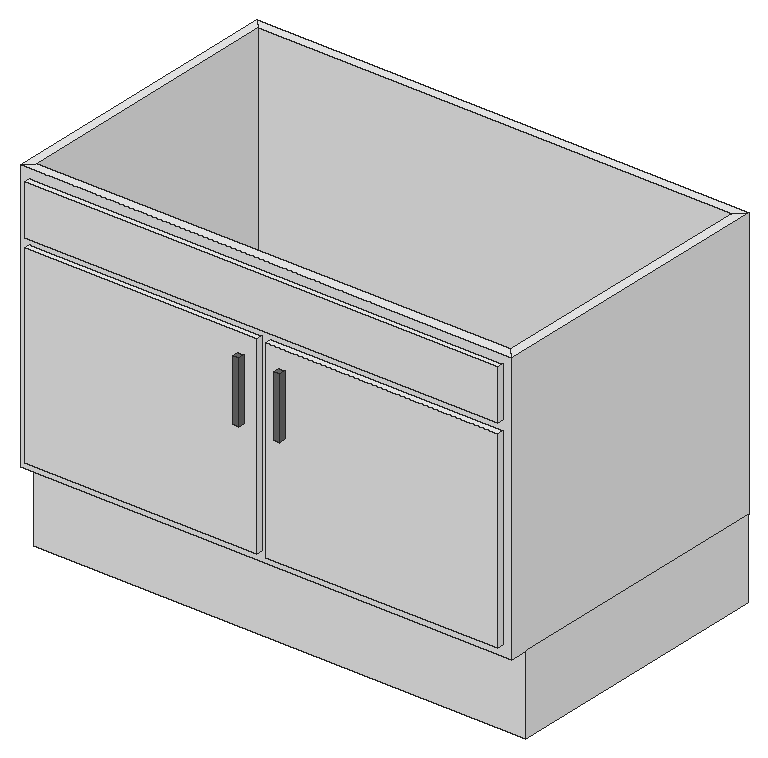
Revit family "Vanity Cabinet-Double Door Sink Unit (M)", category 케이스워크, Revit 2026
Family settings
  작업 기준면 기반 = 아니오
  항상 수직 = 예
  로드될 때 보이드를 사용하여 절단 = 아니오
  공유 = 아니오
  룸 계산 점 = 아니오
Parameters (values of type "1000mm")
  기본 높이 = 0 mm
  Cabinet Material = none
  깊이 = 600 mm
  Door/Drawer Material = none
  Handle Material = Cabinets - Handles
  높이 = 710 mm
  Plinth Depth = 35 mm
  Plinth Height = 160 mm
  폭 = 1000 mm
Types (4, lengths in mm): name | 폭
  (no name) | 1000
  1000mm | 1000
  900mm | 900
  1200mm | 1200
Reference planes
  plane 1 "Back": y = 0
  plane 2: z = 0
  plane 3 "Center": x = 18.738
  plane 4 "Left": x = -481.262
  plane 5 "Right": x = 518.738
  plane 6 "Front": y = -600
  plane 7 "Top": z = 710
  plane 8: y = -565
  plane 9: z = 160
  plane 10: z = 690.95
  plane 11: z = 179.05
  plane 12: x = -462.212
  plane 13: x = 499.688
  plane 14: z = 589.35
  plane 15: z = 570.3
  plane 16: z = 532.2
  plane 17: z = 430.6
  plane 18: x = -16.187
  plane 19: x = -28.887
  plane 20: x = 9.213
  plane 21: x = 28.263
  plane 22: x = 53.663
  plane 23: x = 66.363
  plane 24: z = 374.675
Forms (mm)
  Extrusion 1, solid, material <- "Cabinet Material"
    sketch origin (0, 0, 0) x (1, 0, 0) y (0, 1, 0)
      loop
        line (-481.262, 0) -> (-481.262, -565) -> (518.738, -565) -> (518.738, 0) -> (-481.262, 0)
    from 0 to 160
  Sweep 2, solid, material <- "Cabinet Material"
    path origin (0, 0, 0) x (1, 0, 0) y (0, 1, 0)
      loop
        line (518.738, 0) -> (-481.262, 0) -> (-481.262, -600) -> (518.738, -600) -> (518.738, 0)
    profile origin (0, -300, 0) x (1, 0, 0) y (0, 0, 1)
      loop
        line (518.738, 160) -> (518.738, 710) -> (499.688, 710) -> (499.688, 160) -> (518.738, 160)
  Extrusion 3, solid, material <- "Cabinet Material"
    sketch origin (0, 0, 0) x (1, 0, 0) y (0, 1, 0)
      loop
        line (-462.212, -19.05) -> (-462.212, -580.95) -> (499.688, -580.95) -> (499.688, -19.05) -> (-462.212, -19.05)
    from 179.05 to 160
  Extrusion 4, solid, material <- "Door/Drawer Material"
    sketch origin (0, -600, 0) x (1, 0, 0) y (0, 0, 1)
      loop
        line (-462.212, 570.3) -> (-462.212, 179.05) -> (9.213, 179.05) -> (9.213, 570.3) -> (-462.212, 570.3)
      loop
        line (28.263, 570.3) -> (28.263, 179.05) -> (499.688, 179.05) -> (499.688, 570.3) -> (28.263, 570.3)
      loop
        line (-462.212, 690.95) -> (-462.212, 589.35) -> (499.688, 589.35) -> (499.688, 690.95) -> (-462.212, 690.95)
    from 0 to 12.7
  Extrusion 5, solid, material "Cabinets - Handles" <- "Handle Material"
    sketch origin (0, -600, 0) x (1, 0, 0) y (0, 0, 1)
      loop
        line (-28.887, 532.2) -> (-28.887, 407.47) -> (-16.187, 407.47) -> (-16.187, 532.2) -> (-28.887, 532.2)
      loop
        line (53.663, 532.2) -> (53.663, 407.47) -> (66.363, 407.47) -> (66.363, 532.2) -> (53.663, 532.2)
    from 12.7 to 25.4
Lines and regions (mm)
  symbolic lines, style "Plan Rep - Below"
    curve 1: line (518.738, -600, 0) -> (-481.262, -600, 0)
    curve 2: line (518.738, 0, 0) -> (518.738, -600, 0)
    curve 3: line (-481.262, 0, 0) -> (518.738, 0, 0)
    curve 4: line (-481.262, -600, 0) -> (-481.262, 0, 0)
  model lines
    curve 5: line (499.688, -600, 589.35) -> (-462.212, -600, 589.35)
    curve 6: line (499.688, -600, 690.95) -> (499.688, -600, 589.35)
    curve 7: line (-462.212, -600, 690.95) -> (499.688, -600, 690.95)
    curve 8: line (-462.212, -600, 589.35) -> (-462.212, -600, 690.95)
    curve 9: line (499.688, -600, 179.05) -> (28.263, -600, 179.05)
    curve 10: line (499.688, -600, 570.3) -> (499.688, -600, 179.05)
    curve 11: line (-462.212, -600, 570.3) -> (9.213, -600, 570.3)
    curve 12: line (-462.212, -600, 179.05) -> (-462.212, -600, 570.3)
    curve 13: line (-28.887, -600, 532.2) -> (-16.187, -600, 532.2)
    curve 14: line (-28.887, -600, 430.6) -> (-28.887, -600, 532.2)
    curve 15: line (-16.187, -600, 430.6) -> (-28.887, -600, 430.6)
    curve 16: line (-16.187, -600, 532.2) -> (-16.187, -600, 430.6)
    curve 17: line (28.263, -600, 179.05) -> (28.263, -600, 570.3)
    curve 18: line (9.213, -600, 179.05) -> (9.213, -600, 570.3)
    curve 19: line (66.363, -600, 532.2) -> (53.663, -600, 532.2)
    curve 20: line (66.363, -600, 430.6) -> (66.363, -600, 532.2)
    curve 21: line (53.663, -600, 430.6) -> (66.363, -600, 430.6)
    curve 22: line (53.663, -600, 532.2) -> (53.663, -600, 430.6)
    curve 23: line (28.263, -600, 570.3) -> (499.688, -600, 570.3)
    curve 24: line (9.213, -600, 179.05) -> (-462.212, -600, 179.05)
  symbolic lines, style "Elevation Swing"
    curve 25: line (9.213, 0, 570.3) -> (-462.212, 0, 374.675)
    curve 26: line (-462.212, 0, 374.675) -> (9.213, 0, 179.05)
    curve 27: line (28.263, 0, 179.05) -> (499.688, 0, 374.675)
    curve 28: line (499.688, 0, 374.675) -> (28.263, 0, 570.3)
Dimensions and locks
  "깊이": plane 6 "Front" to plane 1 "Back"
  "폭": plane 4 "Left" to plane 5 "Right"
  equal spacing: plane 4 "Left", plane 3 "Center", plane 5 "Right"
  "높이": level to plane 7 "Top"
  "Plinth Height": plane 2 to plane 9
  "Plinth Depth": plane 6 "Front" to plane 8
  locked: plane 4 "Left" to plane 12 at 19.05
  locked: plane 13 to plane 5 "Right" at 19.05
  locked: plane 7 "Top" to plane 10 at 19.05
  locked: plane 11 to plane 9 at 19.05
  plane 10 to plane 14 to plane 15 = 101.6 mm locked, 19.05 mm locked
  plane 15 to plane 16 to plane 17 = 38.1 mm locked, 101.6 mm locked
  plane 21 to plane 3 "Center" to plane 20 = 9.525 mm locked, 9.525 mm locked
  plane 20 to plane 18 to plane 19 = 25.4 mm locked, 12.7 mm locked
  plane 21 to plane 22 to plane 23 = 25.4 mm locked, 12.7 mm locked
  equal spacing: plane 15, plane 24, plane 11
  aligned and locked: plane 1 "Back" to Extrusion 1 sketch curve
  aligned and locked: Extrusion 1 sketch curve to plane 5 "Right"
  aligned and locked: Extrusion 1 sketch curve to plane 8
  aligned and locked: plane 4 "Left" to Extrusion 1 sketch curve
  aligned and locked: Extrusion 1 to level
  aligned and locked: Sweep 2 sketch curve to plane 6 "Front"
  aligned and locked: plane 1 "Back" to Sweep 2 sketch curve
  aligned and locked: Sweep 2 sketch curve to plane 5 "Right"  (x2)
  aligned and locked: plane 4 "Left" to Sweep 2 sketch curve
  aligned and locked: plane 7 "Top" to Sweep 2 sketch curve
  aligned and locked: plane 9 to Sweep 2 sketch curve
  aligned and locked: Sweep 2 to Extrusion 3 sketch curve  (x2)
  aligned and locked: Extrusion 3 sketch curve to Sweep 2  (x2)
  aligned and locked: Extrusion 3 to plane 11
  aligned and locked: Extrusion 3 to plane 9
  aligned and locked: plane 9 to Extrusion 1
Automatic sketch dimensions
  profile plane to Sweep 2 sketch curve = 19.05 mm
  curve 1 to plane 4 "Left" = 0 mm
  curve 3 to plane 1 "Back" = 0 mm
  curve 3 to plane 5 "Right" = 0 mm
  curve 1 to plane 6 "Front" = 0 mm
  Extrusion 4 sketch curve to plane 11 = 0 mm  (x2)
  Extrusion 4 sketch curve to plane 12 = 0 mm  (x2)
  Extrusion 4 sketch curve to plane 15 = 0 mm  (x2)
  Extrusion 4 sketch curve to plane 20 = 0 mm
  Extrusion 4 sketch curve to plane 21 = 0 mm
  Extrusion 4 sketch curve to plane 10 = 0 mm
  Extrusion 4 sketch curve to plane 13 = 0 mm  (x2)
  Extrusion 4 sketch curve to plane 14 = 0 mm
  Extrusion 5 sketch curve to plane 19 = 0 mm
  Extrusion 5 sketch curve to plane 18 = 0 mm
  Extrusion 5 sketch curve to plane 16 = 0 mm  (x2)
  Extrusion 5 sketch curve to plane 22 = 0 mm
  Extrusion 5 sketch curve to plane 23 = 0 mm
  plane 17 to Extrusion 5 sketch curve = 23.13 mm  (x2)
  curve 5 to plane 13 = 0 mm
  curve 27 to plane 13 = 0 mm
  curve 23 to plane 13 = 0 mm
  curve 20 to plane 17 = 0 mm
  curve 20 to plane 23 = 0 mm
  curve 21 to plane 22 = 0 mm
  curve 9 to plane 11 = 0 mm
  curve 9 to plane 21 = 0 mm
  curve 27 to plane 11 = 0 mm
  curve 27 to plane 21 = 0 mm
  curve 28 to plane 15 = 0 mm
  curve 28 to plane 21 = 0 mm
  curve 11 to plane 15 = 0 mm
  curve 11 to plane 20 = 0 mm
  curve 26 to plane 11 = 0 mm
  curve 26 to plane 20 = 0 mm
  curve 25 to plane 15 = 0 mm
  curve 25 to plane 20 = 0 mm
  curve 13 to plane 16 = 0 mm
  curve 13 to plane 18 = 0 mm
  curve 15 to plane 17 = 0 mm
  curve 15 to plane 19 = 0 mm
  curve 12 to plane 11 = 0 mm
  curve 12 to plane 12 = 0 mm
  curve 8 to plane 10 = 0 mm
  curve 8 to plane 12 = 0 mm
  curve 25 to plane 12 = 0 mm
  curve 6 to plane 14 = 0 mm
  curve 23 to plane 15 = 0 mm
  curve 19 to plane 16 = 0 mm
  curve 25 to plane 24 = 0 mm
  curve 27 to plane 24 = 0 mm
